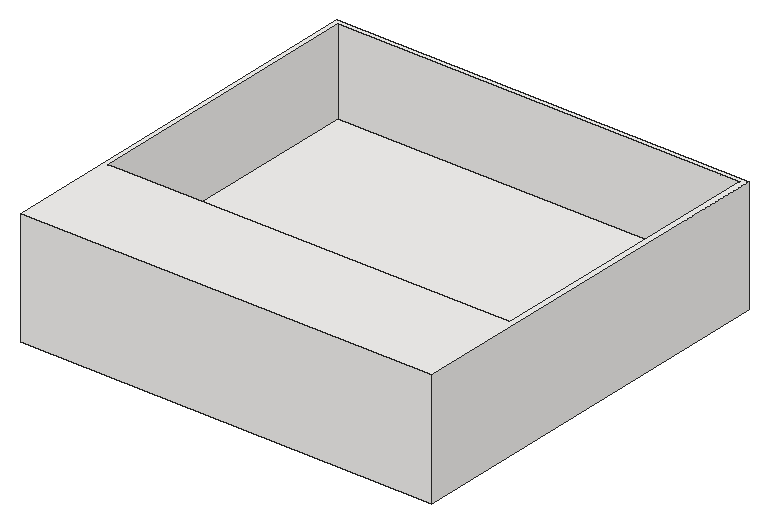
Revit family "Washbasins-hansgrohe-61089XXX-Xevolos E Handrinse basin 500_480 without tap hole and overflow, SmartClean", category Plumbing Fixtures, Revit 2019
Family settings
  Round Connector Dimension = Use Diameter
  Part Type = Valve - Breaks Into
  OmniClass Number = 23.31.13.00
  Work Plane-Based = No
  Always vertical = Yes
  Cut with Voids When Loaded = No
  Shared = Yes
  Room Calculation Point = No
Parameters (values of type "61089-61089450-GLOSSY_WHITE-200")
  X2 = 0
  X1 = 180
  WEIGHT = "13.5"
  UNSPSC = "301815 | Sanitary ware"
  UNIFORMATII = "D2010 | Plumbing Fixtures"
  UNICLASS_2015_CODE = "40_20_96"
  UNICLASS2015 = "Pr_40_20_96 | Wash basins, sinks and troughs"
  TYP = 1
  TAP = 0
  SURFACE = "GLOSSY_WHITE"
  SPECIFICATION = "Surfaces:  - 61089450 White   Specification:  • consists of: handrinse basin, waste set, cover  • material: ceramic  • SmartClean: dirt-repellent glaze • degree of gloss: glossy  • ceramic cover included • without tap hole • without overflow • without shelf • non-closing waste set • 500 x 480 mm • type of installation: wall mounted  • suitable for cabinet"
  REGION = "Worldwide"
  PRODUCTURL = "https://pro.hansgrohe.com/articledetail--61089450"
  PRODUCTGROUP = "Washbasins"
  PRODUCTFAMILY = "Xevolos E"
  PERMALINK = "61089XXX"
  OMNICLASS = "23-31 13 00 | Sinks"
  OBJECTTYPE = "Object (single object)"
  NN = "Xevolos Washbasin"
  NBSYN = "$BASENUMBER.-$ARTNR.-$SURFACE.-$LODLEVEL."
  NB = "61089-61089450-GLOSSY_WHITE-200"
  NAME = "Xevolos E Handrinse basin 500/480 without tap hole and overflow, SmartClean"
  Model = "61089-61089450-GLOSSY_WHITE-200"
  Manufacturer = "Hansgrohe"
  MIdent = "{$CADENAS_DATA/23d-libs/hansgrohe/xevolos_washbasin/xevolos_washbasin.prj},222 {VTYP=3D},{NB=61089-61089450-GLOSSY_WHITE-200},{LINA=61089-61089450-GLOSSY_WHITE-200},{NN=Xevolos Washbasin},{DATE=13.03.2023 11:34:45},{GEOMDATE=13.03.2023 11:34:00},{VERSION=},{LINEID=830},{WBVAR=LODLEVEL},{WBNUMERIC=}  {NB=61089-61089450-GLOSSY_WHITE-200},{LINA=61089-61089450-GLOSSY_WHITE-200},{KT=DUMMY},{IDNR=2},{ARTNR=61089450},{BASENUMBER=61089},{MODEL=61089XXX},{SURFACE=GLOSSY_WHITE},{LODLEVEL=200},{LODLEVELX='400','400','200','200'},{L=500.000},{LI=320.000},{X1=180.000},{X2=0.000},{DO=46.000},{DOT=35.000},{TAP=0},{TYP=1},{NAME=Xevolos E Handrinse basin 500/480 without tap hole and overflow, SmartClean},{PERMALINK=61089XXX},{OBJECTTYPE=Object (single object)},{BIMOBJECT=Sanitary: Wash Basins},{PRODUCTFAMILY=Xevolos E},{PRODUCTGROUP=Washbasins},{WEIGHT=13.5},{DESCRIPTION=Xevolos E Handrinse basin 500/480 without tap hole and overflow, SmartClean },{SPECIFICATION=Surfaces:  - 61089450 White   Specification:  • consists of: handrinse basin, waste set, cover  • material: ceramic  • SmartClean: dirt-repellent glaze • degree of gloss: glossy  • ceramic cover included • without tap hole • without overflow • without shelf • non-closing waste set • 500 x 480 mm • type of installation: wall mounted  • suitable for cabinet},{PRODUCTURL=https://pro.hansgrohe.com/articledetail--61089450},{GTINCODE=4059625420904},{IFC=Sanitary Terminal},{ETIM=EC011550 | Washbasin},{UNICLASS2015=Pr_40_20_96 | Wash basins, sinks and troughs},{OMNICLASS=23-31 13 00 | Sinks},{MASTERFORMAT=22 41 16.13 | Residential Lavatories},{UNSPSC=301815 | Sanitary ware},{UNIFORMATII=D2010 | Plumbing Fixtures},{REGION=Worldwide},{DESIGN=Germany},{MANUFACTURER=Germany}"
  MASTERFORMAT = "22 41 16.13 | Residential Lavatories"
  LODLEVEL = "200"
  LINA = "61089-61089450-GLOSSY_WHITE-200"
  LI = 320
  L = 500
  IFC = "Sanitary Terminal"
  GTINCODE = "4059625420904"
  ETIM = "EC011550 | Washbasin"
  DOT = 35
  DO = 46
  DESIGN = "Germany"
  CNSPipeRound/cp_Ausgang_1_V = no
  CATALOG = "Hansgrohe"
  BIMOBJECT = "Sanitary: Wash Basins"
  BASENUMBER = "61089"
  ARTNR = "61089450"
  61089-61089450-GLOSSY_WHITE-400_RX0RY0RZ0TX0TY0TZ0_V = no
  61089-61089450-GLOSSY_WHITE-200_RX0RY0RZ0TX0TY0TZ0_V = yes
Types (3, lengths in mm): name | NB | Model | MIdent | LODLEVEL | LINA | 61089-61089450-GLOSSY_WHITE-400_RX0RY0RZ0TX0TY0TZ0_V | 61089-61089450-GLOSSY_WHITE-200_RX0RY0RZ0TX0TY0TZ0_V
  (no name) | "61089-61089450-GLOSSY_WHITE-400" | "61089-61089450-GLOSSY_WHITE-400" | "{$CADENAS_DATA/23d-libs/hansgrohe/xevolos_washbasin/xevolos_washbasin.prj},222 {VTYP=3D},{NB=61089-61089450-GLOSSY_WHITE-400},{LINA=61089-61089450-GLOSSY_WHITE-400},{NN=Xevolos Washbasin},{DATE=13.03.2023 11:34:45},{GEOMDATE=13.03.2023 11:34:00},{VERSION=},{LINEID=830},{WBVAR=LODLEVEL},{WBNUMERIC=}  {NB=61089-61089450-GLOSSY_WHITE-400},{LINA=61089-61089450-GLOSSY_WHITE-400},{KT=DUMMY},{IDNR=2},{ARTNR=61089450},{BASENUMBER=61089},{MODEL=61089XXX},{SURFACE=GLOSSY_WHITE},{LODLEVEL=400},{LODLEVELX='400','400','200','200'},{L=500.000},{LI=320.000},{X1=180.000},{X2=0.000},{DO=46.000},{DOT=35.000},{TAP=0},{TYP=1},{NAME=Xevolos E Handrinse basin 500/480 without tap hole and overflow, SmartClean},{PERMALINK=61089XXX},{OBJECTTYPE=Object (single object)},{BIMOBJECT=Sanitary: Wash Basins},{PRODUCTFAMILY=Xevolos E},{PRODUCTGROUP=Washbasins},{WEIGHT=13.5},{DESCRIPTION=Xevolos E Handrinse basin 500/480 without tap hole and overflow, SmartClean },{SPECIFICATION=Surfaces:  - 61089450 White   Specification:  • consists of: handrinse basin, waste set, cover  • material: ceramic  • SmartClean: dirt-repellent glaze • degree of gloss: glossy  • ceramic cover included • without tap hole • without overflow • without shelf • non-closing waste set • 500 x 480 mm • type of installation: wall mounted  • suitable for cabinet},{PRODUCTURL=https://pro.hansgrohe.com/articledetail--61089450},{GTINCODE=4059625420904},{IFC=Sanitary Terminal},{ETIM=EC011550 | Washbasin},{UNICLASS2015=Pr_40_20_96 | Wash basins, sinks and troughs},{OMNICLASS=23-31 13 00 | Sinks},{MASTERFORMAT=22 41 16.13 | Residential Lavatories},{UNSPSC=301815 | Sanitary ware},{UNIFORMATII=D2010 | Plumbing Fixtures},{REGION=Worldwide},{DESIGN=Germany},{MANUFACTURER=Germany}" | "400" | "61089-61089450-GLOSSY_WHITE-400" | yes | yes
  61089-61089450-GLOSSY_WHITE-200 | "61089-61089450-GLOSSY_WHITE-200" | "61089-61089450-GLOSSY_WHITE-200" | "{$CADENAS_DATA/23d-libs/hansgrohe/xevolos_washbasin/xevolos_washbasin.prj},222 {VTYP=3D},{NB=61089-61089450-GLOSSY_WHITE-200},{LINA=61089-61089450-GLOSSY_WHITE-200},{NN=Xevolos Washbasin},{DATE=13.03.2023 11:34:45},{GEOMDATE=13.03.2023 11:34:00},{VERSION=},{LINEID=830},{WBVAR=LODLEVEL},{WBNUMERIC=}  {NB=61089-61089450-GLOSSY_WHITE-200},{LINA=61089-61089450-GLOSSY_WHITE-200},{KT=DUMMY},{IDNR=2},{ARTNR=61089450},{BASENUMBER=61089},{MODEL=61089XXX},{SURFACE=GLOSSY_WHITE},{LODLEVEL=200},{LODLEVELX='400','400','200','200'},{L=500.000},{LI=320.000},{X1=180.000},{X2=0.000},{DO=46.000},{DOT=35.000},{TAP=0},{TYP=1},{NAME=Xevolos E Handrinse basin 500/480 without tap hole and overflow, SmartClean},{PERMALINK=61089XXX},{OBJECTTYPE=Object (single object)},{BIMOBJECT=Sanitary: Wash Basins},{PRODUCTFAMILY=Xevolos E},{PRODUCTGROUP=Washbasins},{WEIGHT=13.5},{DESCRIPTION=Xevolos E Handrinse basin 500/480 without tap hole and overflow, SmartClean },{SPECIFICATION=Surfaces:  - 61089450 White   Specification:  • consists of: handrinse basin, waste set, cover  • material: ceramic  • SmartClean: dirt-repellent glaze • degree of gloss: glossy  • ceramic cover included • without tap hole • without overflow • without shelf • non-closing waste set • 500 x 480 mm • type of installation: wall mounted  • suitable for cabinet},{PRODUCTURL=https://pro.hansgrohe.com/articledetail--61089450},{GTINCODE=4059625420904},{IFC=Sanitary Terminal},{ETIM=EC011550 | Washbasin},{UNICLASS2015=Pr_40_20_96 | Wash basins, sinks and troughs},{OMNICLASS=23-31 13 00 | Sinks},{MASTERFORMAT=22 41 16.13 | Residential Lavatories},{UNSPSC=301815 | Sanitary ware},{UNIFORMATII=D2010 | Plumbing Fixtures},{REGION=Worldwide},{DESIGN=Germany},{MANUFACTURER=Germany}" | "200" | "61089-61089450-GLOSSY_WHITE-200" | no | yes
  61089-61089450-GLOSSY_WHITE-400 | "61089-61089450-GLOSSY_WHITE-400" | "61089-61089450-GLOSSY_WHITE-400" | "{$CADENAS_DATA/23d-libs/hansgrohe/xevolos_washbasin/xevolos_washbasin.prj},222 {VTYP=3D},{NB=61089-61089450-GLOSSY_WHITE-400},{LINA=61089-61089450-GLOSSY_WHITE-400},{NN=Xevolos Washbasin},{DATE=13.03.2023 11:34:45},{GEOMDATE=13.03.2023 11:34:00},{VERSION=},{LINEID=830},{WBVAR=LODLEVEL},{WBNUMERIC=}  {NB=61089-61089450-GLOSSY_WHITE-400},{LINA=61089-61089450-GLOSSY_WHITE-400},{KT=DUMMY},{IDNR=2},{ARTNR=61089450},{BASENUMBER=61089},{MODEL=61089XXX},{SURFACE=GLOSSY_WHITE},{LODLEVEL=400},{LODLEVELX='400','400','200','200'},{L=500.000},{LI=320.000},{X1=180.000},{X2=0.000},{DO=46.000},{DOT=35.000},{TAP=0},{TYP=1},{NAME=Xevolos E Handrinse basin 500/480 without tap hole and overflow, SmartClean},{PERMALINK=61089XXX},{OBJECTTYPE=Object (single object)},{BIMOBJECT=Sanitary: Wash Basins},{PRODUCTFAMILY=Xevolos E},{PRODUCTGROUP=Washbasins},{WEIGHT=13.5},{DESCRIPTION=Xevolos E Handrinse basin 500/480 without tap hole and overflow, SmartClean },{SPECIFICATION=Surfaces:  - 61089450 White   Specification:  • consists of: handrinse basin, waste set, cover  • material: ceramic  • SmartClean: dirt-repellent glaze • degree of gloss: glossy  • ceramic cover included • without tap hole • without overflow • without shelf • non-closing waste set • 500 x 480 mm • type of installation: wall mounted  • suitable for cabinet},{PRODUCTURL=https://pro.hansgrohe.com/articledetail--61089450},{GTINCODE=4059625420904},{IFC=Sanitary Terminal},{ETIM=EC011550 | Washbasin},{UNICLASS2015=Pr_40_20_96 | Wash basins, sinks and troughs},{OMNICLASS=23-31 13 00 | Sinks},{MASTERFORMAT=22 41 16.13 | Residential Lavatories},{UNSPSC=301815 | Sanitary ware},{UNIFORMATII=D2010 | Plumbing Fixtures},{REGION=Worldwide},{DESIGN=Germany},{MANUFACTURER=Germany}" | "400" | "61089-61089450-GLOSSY_WHITE-400" | yes | no
Reference planes
  plane 1 "Center (Front/Back)": y = 0
  plane 2: z = 0
  plane 3 "Center (Left/Right)": x = 0
Dimensions and locks
  aligned and locked: level to plane 2
Nested families
  nested 1: "61089-61089450-glossy_white-200_content" at (0, 0, 0), visible <- "61089-61089450-GLOSSY_WHITE-200_RX0RY0RZ0TX0TY0TZ0_V", ContentVisible <- "61089-61089450-GLOSSY_WHITE-200_RX0RY0RZ0TX0TY0TZ0_V", type "61089-61089450-GLOSSY_WHITE-200_Content"
    with ContentVisible yes
  nested 2: "61089-61089450-glossy_white-400_content" at (0, 0, 0), visible <- "61089-61089450-GLOSSY_WHITE-400_RX0RY0RZ0TX0TY0TZ0_V", ContentVisible <- "61089-61089450-GLOSSY_WHITE-400_RX0RY0RZ0TX0TY0TZ0_V", type "61089-61089450-GLOSSY_WHITE-400_Content"
    with ContentVisible no
  nested 3: "ConnectorHost2019" at (0, 0, 0), visible <- "CNSPipeRound/cp_Ausgang_1_V", type "ConnectorHost2019"
    with Visible no, TransZ 0 mm, TransY 0 mm, TransX 0 mm, ScaleZ 1 mm, ScaleY 1 mm, ScaleX 1 mm, RotZ 180.00°, RotY 360.00°, RotX 180.00°
Connectors
  piping at (0, 0, 0), diameter 46
    settings: on nested 3, index 1, connector inside diameter 609.6 mm, connector length 0 mm, flow factor 0, pipe flow 0.0 L/s, pressure drop 0.0 Pa, fitting loss kfactor 0, connector angle 0.00°, fixture units 0, engagement length 0 mm, angle of deflection 0.00°, flow configuration 0, flow direction 2, fitting loss method 0, system type 29, joint type 0, gender type 0, connector reference index -1, connector utility 0, adjustable connector no, is connector primary yes, connector description ""
Definition of nested family "61089-61089450-glossy_white-200_content"
  Parameters (values of type "61089-61089450-GLOSSY_WHITE-200_Content")
    X2 = 0
    X1 = 180
    WEIGHT = "13.5"
    UNSPSC = "301815 | Sanitary ware"
    UNIFORMATII = "D2010 | Plumbing Fixtures"
    UNICLASS_2015_CODE = "40_20_96"
    UNICLASS2015 = "Pr_40_20_96 | Wash basins, sinks and troughs"
    TYP = 1
    TAP = 0
    SURFACE = "GLOSSY_WHITE"
    SPECIFICATION = "Surfaces:  - 61089450 White   Specification:  • consists of: handrinse basin, waste set, cover  • material: ceramic  • SmartClean: dirt-repellent glaze • degree of gloss: glossy  • ceramic cover included • without tap hole • without overflow • without shelf • non-closing waste set • 500 x 480 mm • type of installation: wall mounted  • suitable for cabinet"
    REGION = "Worldwide"
    PRODUCTURL = "https://pro.hansgrohe.com/articledetail--61089450"
    PRODUCTGROUP = "Washbasins"
    PRODUCTFAMILY = "Xevolos E"
    PERMALINK = "61089XXX"
    OMNICLASS = "23-31 13 00 | Sinks"
    OBJECTTYPE = "Object (single object)"
    NN = "Xevolos Washbasin"
    NBSYN = "$BASENUMBER.-$ARTNR.-$SURFACE.-$LODLEVEL."
    NB = "61089-61089450-GLOSSY_WHITE-200"
    NAME = "Xevolos E Handrinse basin 500/480 without tap hole and overflow, SmartClean"
    Model = "61089-61089450-GLOSSY_WHITE-200"
    Manufacturer = "Hansgrohe"
    MASTERFORMAT = "22 41 16.13 | Residential Lavatories"
    LODLEVEL = "200"
    LINA = "61089-61089450-GLOSSY_WHITE-200"
    LI = 320
    L = 500
    IFC = "Sanitary Terminal"
    GTINCODE = "4059625420904"
    ETIM = "EC011550 | Washbasin"
    Default Elevation = 1219.2 mm
    DOT = 35
    DO = 46
    DESIGN = "Germany"
    ContentVisible [instance] = yes
    CATALOG = "Hansgrohe"
    BIMOBJECT = "Sanitary: Wash Basins"
    BASENUMBER = "61089"
    ARTNR = "61089450"
  Reference planes
    plane 1 "Center (Front/Back)": y = 0
    plane 2: z = 0
    plane 3 "Center (Left/Right)": x = 0
  Forms (mm)
    Extrusion 1, solid, visible <- "ContentVisible", detail levels medium+fine
      sketch origin (0, -295, 147) x (-1, 0, 0) y (0, -1, 0)
        loop
          line (-250, -480) -> (250, -480) -> (250, 0) -> (-250, 0) -> (-250, -480)
      from -140 to 0
    Extrusion 2, void, detail levels medium+fine
      sketch origin (0, -295, 147) x (-1, 0, 0) y (0, -1, 0)
        loop
          line (-244, -126) -> (-244, -474) -> (244, -474) -> (244, -126) -> (-244, -126)
      from -102.5 to 0
    Extrusion 3, solid, visible <- "ContentVisible", detail levels medium+fine
      sketch origin (0, -295, 7) x (-1, 0, 0) y (0, -1, 0)
        loop
          circle (0, -295) r 34
      from -10 to 0
    Extrusion 4, solid, visible <- "ContentVisible", detail levels coarse
      sketch origin (0, -55, -3) x (1, 0, 0) y (0, 1, 0)
        loop
          line (-250, -240) -> (250, -240) -> (250, 240) -> (-250, 240) -> (-250, -240)
      from 0 to 150
  Cuts and joins
    Extrusion 2 cuts Extrusion 1
  Dimensions and locks
    aligned and locked: level to plane 2
Definition of nested family "61089-61089450-glossy_white-400_content"
  Parameters (values of type "61089-61089450-GLOSSY_WHITE-400_Content")
    X2 = 0
    X1 = 180
    WEIGHT = "13.5"
    UNSPSC = "301815 | Sanitary ware"
    UNIFORMATII = "D2010 | Plumbing Fixtures"
    UNICLASS_2015_CODE = "40_20_96"
    UNICLASS2015 = "Pr_40_20_96 | Wash basins, sinks and troughs"
    TYP = 1
    TAP = 0
    SURFACE = "GLOSSY_WHITE"
    SPECIFICATION = "Surfaces:  - 61089450 White   Specification:  • consists of: handrinse basin, waste set, cover  • material: ceramic  • SmartClean: dirt-repellent glaze • degree of gloss: glossy  • ceramic cover included • without tap hole • without overflow • without shelf • non-closing waste set • 500 x 480 mm • type of installation: wall mounted  • suitable for cabinet"
    REGION = "Worldwide"
    PRODUCTURL = "https://pro.hansgrohe.com/articledetail--61089450"
    PRODUCTGROUP = "Washbasins"
    PRODUCTFAMILY = "Xevolos E"
    PERMALINK = "61089XXX"
    OMNICLASS = "23-31 13 00 | Sinks"
    OBJECTTYPE = "Object (single object)"
    NN = "Xevolos Washbasin"
    NBSYN = "$BASENUMBER.-$ARTNR.-$SURFACE.-$LODLEVEL."
    NB = "61089-61089450-GLOSSY_WHITE-400"
    NAME = "Xevolos E Handrinse basin 500/480 without tap hole and overflow, SmartClean"
    Model = "61089-61089450-GLOSSY_WHITE-400"
    Manufacturer = "Hansgrohe"
    MASTERFORMAT = "22 41 16.13 | Residential Lavatories"
    LODLEVEL = "400"
    LINA = "61089-61089450-GLOSSY_WHITE-400"
    LI = 320
    L = 500
    IFC = "Sanitary Terminal"
    GTINCODE = "4059625420904"
    ETIM = "EC011550 | Washbasin"
    Default Elevation = 1219.2 mm
    DOT = 35
    DO = 46
    DESIGN = "Germany"
    ContentVisible [instance] = yes
    CATALOG = "Hansgrohe"
    BIMOBJECT = "Sanitary: Wash Basins"
    BASENUMBER = "61089"
    ARTNR = "61089450"
  Reference planes
    plane 1 "Center (Front/Back)": y = 0
    plane 2: z = 0
    plane 3 "Center (Left/Right)": x = 0
  Forms (mm)
    Extrusion 1, solid, visible <- "ContentVisible", detail levels medium+fine
      sketch origin (0, -295, 7) x (0, 0, -1) y (0, -1, 0)
        loop
          line (-140, -474) -> (-121, -474) -> (-62.906, -440.46)
          arc (-62.906, -440.46) -> (-37.353, -414.906) -> (-28, -380) r 69.813
          line (-28, -380) -> (-37.5, -380)
          arc (-37.5, -380) -> (-45.58, -410.156) -> (-67.656, -432.232) r 60.313
          line (-67.656, -432.232) -> (-140, -474)
      from -145 to 145
    Revolve 2, solid, visible <- "ContentVisible", detail levels medium+fine
      sketch origin (-145, -295, 7) x (0, 0, -1) y (0, -1, 0)
        loop
          line (-140, -474) -> (-121, -474) -> (-62.906, -440.46)
          arc (-62.906, -440.46) -> (-37.353, -414.906) -> (-28, -380) r 69.813
          line (-28, -380) -> (-37.5, -380)
          arc (-37.5, -380) -> (-45.58, -410.156) -> (-67.656, -432.232) r 60.313
          line (-67.656, -432.232) -> (-140, -474)
        axis (-140, -375) -> (-28, -375)
      angle from -90 to 0
    Extrusion 3, solid, visible <- "ContentVisible", detail levels medium+fine
      sketch origin (0, -70, 7) x (-1, 0, 0) y (0, 0, -1)
        loop
          line (150, -28) -> (150, -37.5)
          arc (150, -37.5) -> (180.156, -45.58) -> (202.232, -67.656) r 60.313
          line (202.232, -67.656) -> (244, -140) -> (244, -121) -> (210.46, -62.906)
          arc (210.46, -62.906) -> (184.906, -37.353) -> (150, -28) r 69.813
      from -150 to 0
    Revolve 4, solid, visible <- "ContentVisible", detail levels medium+fine
      sketch origin (-145, -295, 7) x (0, 0, -1) y (0, -1, 0)
        loop
          line (-140, -126) -> (-67.656, -167.768)
          arc (-67.656, -167.768) -> (-45.58, -189.844) -> (-37.5, -220) r 60.313
          line (-37.5, -220) -> (-28, -220)
          arc (-28, -220) -> (-37.353, -185.094) -> (-62.906, -159.54) r 69.813
          line (-62.906, -159.54) -> (-121, -126) -> (-140, -126)
        axis (-28, -225) -> (-140, -225)
      angle from -90 to 0
    Extrusion 5, solid, visible <- "ContentVisible", detail levels medium+fine
      sketch origin (0, -295, 7) x (0, 0, -1) y (0, -1, 0)
        loop
          line (-140, -126) -> (-67.656, -167.768)
          arc (-67.656, -167.768) -> (-45.58, -189.844) -> (-37.5, -220) r 60.313
          line (-37.5, -220) -> (-28, -220)
          arc (-28, -220) -> (-37.353, -185.094) -> (-62.906, -159.54) r 69.813
          line (-62.906, -159.54) -> (-121, -126) -> (-140, -126)
      from -145 to 145
    Revolve 6, solid, visible <- "ContentVisible", detail levels medium+fine
      sketch origin (145, -295, 7) x (0, 0, -1) y (0, -1, 0)
        loop
          line (-140, -126) -> (-67.656, -167.768)
          arc (-67.656, -167.768) -> (-45.58, -189.844) -> (-37.5, -220) r 60.313
          line (-37.5, -220) -> (-28, -220)
          arc (-28, -220) -> (-37.353, -185.094) -> (-62.906, -159.54) r 69.813
          line (-62.906, -159.54) -> (-121, -126) -> (-140, -126)
        axis (-28, -225) -> (-140, -225)
      angle from 0 to 90
    Extrusion 7, solid, visible <- "ContentVisible", detail levels medium+fine
      sketch origin (0, -70, 7) x (-1, 0, 0) y (0, 0, -1)
        loop
          line (-244, -121) -> (-244, -140) -> (-202.232, -67.656)
          arc (-202.232, -67.656) -> (-180.156, -45.58) -> (-150, -37.5) r 60.313
          line (-150, -37.5) -> (-150, -28)
          arc (-150, -28) -> (-184.906, -37.353) -> (-210.46, -62.906) r 69.813
          line (-210.46, -62.906) -> (-244, -121)
      from -150 to 0
    Revolve 8, solid, visible <- "ContentVisible", detail levels medium+fine
      sketch origin (145, -295, 7) x (0, 0, -1) y (0, -1, 0)
        loop
          line (-140, -474) -> (-121, -474) -> (-62.906, -440.46)
          arc (-62.906, -440.46) -> (-37.353, -414.906) -> (-28, -380) r 69.813
          line (-28, -380) -> (-37.5, -380)
          arc (-37.5, -380) -> (-45.58, -410.156) -> (-67.656, -432.232) r 60.313
          line (-67.656, -432.232) -> (-140, -474)
        axis (-140, -375) -> (-28, -375)
      angle from 0 to 90
    Extrusion 9, solid, visible <- "ContentVisible", detail levels medium+fine
      sketch origin (0, -295, 35) x (-1, 0, 0) y (0, -1, 0)
        loop
          line (-150, -225) -> (-150, -375)
          arc (-150, -375) -> (-148.536, -378.536) -> (-145, -380) r 5
          line (-145, -380) -> (145, -380)
          arc (145, -380) -> (148.536, -378.536) -> (150, -375) r 5
          line (150, -375) -> (150, -225)
          arc (150, -225) -> (148.536, -221.464) -> (145, -220) r 5
          line (145, -220) -> (-145, -220)
          arc (-145, -220) -> (-148.536, -221.464) -> (-150, -225) r 5
        loop
          line (-60, -252.5) -> (-60, -337.5) -> (60, -337.5) -> (60, -252.5) -> (-60, -252.5)
      from 0 to 9.5
    Extrusion 10, solid, visible <- "ContentVisible", detail levels medium+fine
      sketch origin (0, -295, 147) x (-1, 0, 0) y (0, -1, 0)
        loop
          line (-250, -480) -> (250, -480) -> (250, 0) -> (-250, 0) -> (-250, -480)
        loop
          line (-244, -226) -> (-244, -374)
          arc (-244, -374) -> (-214.711, -444.711) -> (-144, -474) r 100
          line (-144, -474) -> (144, -474)
          arc (144, -474) -> (214.711, -444.711) -> (244, -374) r 100
          line (244, -374) -> (244, -226)
          arc (244, -226) -> (214.711, -155.289) -> (144, -126) r 100
          line (144, -126) -> (-144, -126)
          arc (-144, -126) -> (-214.711, -155.289) -> (-244, -226) r 100
      from -13 to 0
    Extrusion 11, solid, visible <- "ContentVisible", detail levels medium+fine
      sketch origin (0, -295, 134) x (-1, 0, 0) y (0, -1, 0)
        loop
          line (-250, -480) -> (250, -480) -> (250, 0) -> (240, 0) -> (240, -470) -> (-240, -470) -> (-240, 0) -> (-250, 0) -> (-250, -480)
      from -127 to 0
    Extrusion 12, solid, visible <- "ContentVisible", detail levels medium+fine
      sketch origin (0, -295, 17) x (-1, 0, 0) y (0, -1, 0)
        loop
          line (-240, -35) -> (-240, -470) -> (240, -470) -> (240, -35) -> (200, -35) -> (200, -380)
          arc (200, -380) -> (185.355, -415.355) -> (150, -430) r 50
          line (150, -430) -> (-150, -430)
          arc (-150, -430) -> (-185.355, -415.355) -> (-200, -380) r 50
          line (-200, -380) -> (-200, -35) -> (-240, -35)
      from 0 to 50
    Extrusion 13, solid, visible <- "ContentVisible", detail levels medium+fine
      sketch origin (0, -295, 7) x (-1, 0, 0) y (0, 0, -1)
        loop
          line (-240, -10) -> (-240, -127) -> (240, -127) -> (240, -10) -> (65, -10) -> (59.568, -21.649)
          arc (59.568, -21.649) -> (55.509, -26.277) -> (49.599, -28) r 11
          line (49.599, -28) -> (-49.599, -28)
          arc (-49.599, -28) -> (-55.509, -26.277) -> (-59.568, -21.649) r 11
          line (-59.568, -21.649) -> (-65, -10) -> (-240, -10)
      from -35 to 0
    Extrusion 14, solid, visible <- "ContentVisible", detail levels medium+fine
      sketch origin (-160, -295, 7) x (0, 0, -1) y (0, -1, 0)
        loop
          line (-127, -35) -> (-127, -127.732) -> (-65.156, -163.437)
          arc (-65.156, -163.437) -> (-41.25, -187.344) -> (-32.5, -220) r 65.313
          line (-32.5, -220) -> (-32.5, -380)
          arc (-32.5, -380) -> (-39.303, -409.023) -> (-58.294, -432) r 65.313
          line (-58.294, -432) -> (-30.544, -432) -> (-10, -40) -> (-10, -35) -> (-127, -35)
      from 0 to 50
    Extrusion 15, solid, visible <- "ContentVisible", detail levels medium+fine
      sketch origin (160, -295, 7) x (0, 0, -1) y (0, -1, 0)
        loop
          line (-127, -35) -> (-127, -127.732) -> (-65.156, -163.437)
          arc (-65.156, -163.437) -> (-41.25, -187.344) -> (-32.5, -220) r 65.313
          line (-32.5, -220) -> (-32.5, -380)
          arc (-32.5, -380) -> (-39.303, -409.023) -> (-58.294, -432) r 65.313
          line (-58.294, -432) -> (-30.544, -432) -> (-10, -40) -> (-10, -35) -> (-127, -35)
      from -50 to 0
    Extrusion 16, solid, visible <- "ContentVisible", detail levels medium+fine
      sketch origin (0, -295, 17) x (-1, 0, 0) y (0, -1, 0)
        loop
          line (-72, -261.5) -> (-72, -328.5)
          arc (-72, -328.5) -> (-65.703, -343.703) -> (-50.5, -350) r 21.5
          line (-50.5, -350) -> (50.5, -350)
          arc (50.5, -350) -> (65.703, -343.703) -> (72, -328.5) r 21.5
          line (72, -328.5) -> (72, -261.5)
          arc (72, -261.5) -> (65.703, -246.297) -> (50.5, -240) r 21.5
          line (50.5, -240) -> (-50.5, -240)
          arc (-50.5, -240) -> (-65.703, -246.297) -> (-72, -261.5) r 21.5
      from 0 to 18
    Revolve 17, solid, visible <- "ContentVisible", detail levels medium+fine
      sketch origin (0, 0, 7) x (-1, 0, 0) y (0, 0, -1)
        loop
          line (23, -4.5) -> (42.5, -27.441) -> (42.5, -10) -> (34, 0) -> (34, 7) -> (23, 7) -> (23, -4.5)
        axis (0, -27.441) -> (0, 7)
      angle from -360 to 0
    Extrusion 18, solid, visible <- "ContentVisible", detail levels medium+fine
      sketch origin (0, -295, -3) x (-1, 0, 0) y (0, -1, 0)
        loop
          circle (0, -295) r 7.5
      from 0 to 41
    Extrusion 19, solid, visible <- "ContentVisible", detail levels medium+fine
      sketch origin (0, -295, 38) x (-1, 0, 0) y (0, -1, 0)
        loop
          circle (0, -295) r 32.5
      from 0 to 2
    Extrusion 20, solid, visible <- "ContentVisible", detail levels medium+fine
      sketch origin (0, 0, 7) x (-1, 0, 0) y (0, 0, -1)
        loop
          arc (-54.85, -33) -> (-57.5, -35.65) -> (-54.85, -38.3) r 2.65
          arc (-54.85, -38.3) -> (0, -43.036) -> (54.85, -38.3) r 320
          arc (54.85, -38.3) -> (57.5, -35.65) -> (54.85, -33) r 2.65
          line (54.85, -33) -> (-54.85, -33)
      from -40 to 40
    Extrusion 21, void, detail levels medium+fine
      sketch origin (0, -295, 7) x (-1, 0, 0) y (0, 0, -1)
        loop
          circle (90, -83) r 8
      from -30 to 30
    Extrusion 22, void, detail levels medium+fine
      sketch origin (0, -295, 7) x (-1, 0, 0) y (0, 0, -1)
        loop
          circle (-90, -83) r 8
      from -30 to 30
    Extrusion 23, solid, visible <- "ContentVisible", detail levels coarse
      sketch origin (0, -55, -3) x (1, 0, 0) y (0, 1, 0)
        loop
          line (-250, -240) -> (250, -240) -> (250, 240) -> (-250, 240) -> (-250, -240)
      from 0 to 150
  Cuts and joins
    Extrusion 21, Extrusion 22 cuts Extrusion 1
    Extrusion 21, Extrusion 22 cuts Revolve 2
    Extrusion 21, Extrusion 22 cuts Extrusion 3
    Extrusion 21, Extrusion 22 cuts Revolve 4
    Extrusion 21, Extrusion 22 cuts Extrusion 5
    Extrusion 21, Extrusion 22 cuts Revolve 6
    Extrusion 21, Extrusion 22 cuts Extrusion 7
    Extrusion 21, Extrusion 22 cuts Revolve 8
    Extrusion 21, Extrusion 22 cuts Extrusion 9
    Extrusion 21, Extrusion 22 cuts Extrusion 10
    Extrusion 21, Extrusion 22 cuts Extrusion 11
    Extrusion 21, Extrusion 22 cuts Extrusion 12
    Extrusion 21, Extrusion 22 cuts Extrusion 13
    Extrusion 21, Extrusion 22 cuts Extrusion 14
    Extrusion 21, Extrusion 22 cuts Extrusion 15
    Extrusion 21, Extrusion 22 cuts Extrusion 16
    Extrusion 21, Extrusion 22 cuts Revolve 17
    Extrusion 21, Extrusion 22 cuts Extrusion 18
    Extrusion 21, Extrusion 22 cuts Extrusion 19
    Extrusion 21, Extrusion 22 cuts Extrusion 20
  Dimensions and locks
    aligned and locked: level to plane 2
